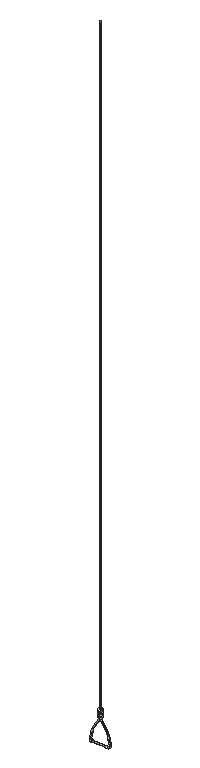
Revit family "Wire_Hanger-HunterDouglas-150F", category Specialty Equipment, Revit 2012
Parameters (values of type "Parametric")
  ecoScorecard_data = "http://products.ecoscorecard.com/hunterdouglascontract/L15FMMP"
  ecoScorecard Product Page = "http://hunterdouglascontract.ecoscorecard.com/product/L15FMMP?base_search=product_category_A1035"
  Wire Visibility = yes
  Wire Hanger = Metal - Aluminum Frame - HunterDouglas - Painted White
  URL = "http://www.hunterdouglascontract.com/ceilings/index.jsp"
  Subcategory = "Metal – Exterior"  # constant formula
  Product Line = "150F"  # constant formula
  Model = "150F Hanger_Wire"  # constant formula
  Manufacturer = "Hunter Douglas Luxalon Metal Ceilings"  # constant formula
  Hanger Wire Length [instance] = 3' - 0"
  Description = "Hanger_Wire"  # constant formula
  Assembly Code = "C3030200"
  95 CSI = "09510"  # constant formula
  04 CSI = "09 51 00"  # constant formula
Reference planes (in)
  plane 1 "Center (Front/Back)": y = 0
  plane 2: z = 0
  plane 3 "Center (Left/Right)": x = 0
  plane 4: x = -0.77248
  plane 5: x = 0.77248
  plane 6: z = 2.4375
  plane 7: z = 2.5
  plane 8: z = 36
Dimensions and locks (in)
  equal spacing: plane 4, plane 3 "Center (Left/Right)", plane 5
  plane 4 to plane 5 = 0' - 1.54495"
  locked: plane 6 to plane 7 at 0.0625
  locked: plane 6 to level at 2.4375
  "Hanger Wire Length": plane 8 to level
  aligned and locked: level to plane 2
  aligned and locked: plane 3 "Center (Left/Right)" to nested 1
  aligned and locked: plane 1 "Center (Front/Back)" to nested 1
Nested families (in)
  nested 1: "Hanger_Wire-150" at (0, 0, 0), type "Parametric"
Definition of nested family "Hanger_Wire-150"
  Parameters (values of type "Parametric")
    Wire Visibility = yes
    URL = "http://www.hunterdouglascontract.com/ceilings/index.jsp"
    Subcategory = "Metal – Exterior"  # constant formula
    Product Line = "150F"  # constant formula
    Model = "150F Hanger_Wire"  # constant formula
    Material = Metal - Aluminum Frame - HunterDouglas - Painted White
    Manufacturer = "Hunter Douglas Luxalon Metal Ceilings"  # constant formula
    Hanger Wire Length = 3' - 0"
    Description = "Hanger_Wire"  # constant formula
    Assembly Code = "C3030200"
    95 CSI = "09510"  # constant formula
    04 CSI = "09 51 00"  # constant formula
  Reference planes (in)
    plane 1 "Center (Front/Back)": y = 0
    plane 2: z = 0
    plane 3 "Center (Left/Right)": x = 0
    plane 4: x = -0.77248
    plane 5: x = 0.77248
    plane 6: z = 2.4375
    plane 7: z = 2.5
    plane 8: z = 36
  Forms (in)
    Sweep 1, solid, material "Metal - Aluminum Frame - HunterDouglas - Painted White" <- "Material", visible <- "Wire Visibility", detail levels fine
      path origin (0, 0, 0) x (1, 0, 0) y (0, 0, 1)
        loop
          line (0.03125, 36) -> (0.03125, 3.70793) -> (0.38236, 3.14135)
          arc (0.38236, 3.14135) -> (0.44435, 3.01623) -> (0.48166, 2.88166) r 0.73777
          line (0.48166, 2.88166) -> (0.5376, 2.56649)
          arc (0.5376, 2.56649) -> (0.51364, 2.47677) -> (0.42949, 2.4375) r 0.1098
          line (0.42949, 2.4375) -> (-0.42976, 2.4375)
          arc (-0.42976, 2.4375) -> (-0.51374, 2.47669) -> (-0.53765, 2.56622) r 0.10957
          line (-0.53765, 2.56622) -> (-0.48246, 2.87715)
          arc (-0.48246, 2.87715) -> (-0.44395, 3.01607) -> (-0.37995, 3.14524) r 0.76163
          line (-0.37995, 3.14524) -> (-0.0384, 3.69638)
      profile origin (-0.00014, 0, 2.4375) x (0, 0, -1) y (0, -1, 0)
        loop
          circle (-0.03125, 0) r 0.03125
    Revolve 2, solid, material "Metal - Aluminum Frame - HunterDouglas - Painted White" <- "Material", visible <- "Wire Visibility", detail levels fine
      sketch origin (-1.10243, 0, 0.17393) x (0.947216, 0, -0.320596) y (0.320596, 0, 0.947216)
        loop
          line (-0.19925, 4.08974) -> (-0.26999, 4.08974)
          arc (-0.26999, 4.08974) -> (-0.30124, 4.05849) -> (-0.26999, 4.02724) r 0.03125
          line (-0.26999, 4.02724) -> (-0.19925, 4.02724) -> (-0.19925, 4.08974)
        axis (-0.19925, 4.02724) -> (-0.19925, 4.08974)
      angle from 0 to 360
    Revolve 3, solid, material "Metal - Aluminum Frame - HunterDouglas - Painted White" <- "Material", visible <- "Wire Visibility", detail levels fine
      sketch origin (-1.10243, 0, 0.1083) x (0.947216, 0, -0.320596) y (0.320596, 0, 0.947216)
        loop
          line (-0.19925, 4.08974) -> (-0.26999, 4.08974)
          arc (-0.26999, 4.08974) -> (-0.30124, 4.05849) -> (-0.26999, 4.02724) r 0.03125
          line (-0.26999, 4.02724) -> (-0.19925, 4.02724) -> (-0.19925, 4.08974)
        axis (-0.19925, 4.02724) -> (-0.19925, 4.08974)
      angle from 0 to 360
    Revolve 4, solid, material "Metal - Aluminum Frame - HunterDouglas - Painted White" <- "Material", visible <- "Wire Visibility", detail levels fine
      sketch origin (-1.10243, 0, 0.04197) x (0.947216, 0, -0.320596) y (0.320596, 0, 0.947216)
        loop
          line (-0.19925, 4.08974) -> (-0.26999, 4.08974)
          arc (-0.26999, 4.08974) -> (-0.30124, 4.05849) -> (-0.26999, 4.02724) r 0.03125
          line (-0.26999, 4.02724) -> (-0.19925, 4.02724) -> (-0.19925, 4.08974)
        axis (-0.19925, 4.02724) -> (-0.19925, 4.08974)
      angle from 0 to 360
    Revolve 5, solid, material "Metal - Aluminum Frame - HunterDouglas - Painted White" <- "Material", visible <- "Wire Visibility", detail levels fine
      sketch origin (-1.10243, 0, -0.02402) x (0.947216, 0, -0.320596) y (0.320596, 0, 0.947216)
        loop
          line (-0.19925, 4.08974) -> (-0.26999, 4.08974)
          arc (-0.26999, 4.08974) -> (-0.30124, 4.05849) -> (-0.26999, 4.02724) r 0.03125
          line (-0.26999, 4.02724) -> (-0.19925, 4.02724) -> (-0.19925, 4.08974)
        axis (-0.19925, 4.02724) -> (-0.19925, 4.08974)
      angle from 0 to 360
    Revolve 6, solid, material "Metal - Aluminum Frame - HunterDouglas - Painted White" <- "Material", visible <- "Wire Visibility", detail levels fine
      sketch origin (-1.10243, 0, -0.09) x (0.947216, 0, -0.320596) y (0.320596, 0, 0.947216)
        loop
          line (-0.19925, 4.08974) -> (-0.26999, 4.08974)
          arc (-0.26999, 4.08974) -> (-0.30124, 4.05849) -> (-0.26999, 4.02724) r 0.03125
          line (-0.26999, 4.02724) -> (-0.19925, 4.02724) -> (-0.19925, 4.08974)
        axis (-0.19925, 4.02724) -> (-0.19925, 4.08974)
      angle from 0 to 360
    Revolve 7, solid, material "Metal - Aluminum Frame - HunterDouglas - Painted White" <- "Material", visible <- "Wire Visibility", detail levels fine
      sketch origin (-1.10243, 0, -0.15751) x (0.947216, 0, -0.320596) y (0.320596, 0, 0.947216)
        loop
          line (-0.19925, 4.08974) -> (-0.26999, 4.08974)
          arc (-0.26999, 4.08974) -> (-0.30124, 4.05849) -> (-0.26999, 4.02724) r 0.03125
          line (-0.26999, 4.02724) -> (-0.19925, 4.02724) -> (-0.19925, 4.08974)
        axis (-0.19925, 4.02724) -> (-0.19925, 4.08974)
      angle from 0 to 360
  Cuts and joins
    joined: Sweep 1, Revolve 3, Revolve 5, Revolve 7
  Lines and regions (in)
    model lines, style "Wire", visible <- "Wire Visibility", detail levels coarse+medium
      curve 1: line (0, 0, 36) -> (0, 0, 2.5)
    symbolic lines, style "Wire", visible <- "Wire Visibility", detail levels fine
      curve 2: line (-0.50903, 0.03125, 0) -> (-0.08588, 0.03125, 0)
      curve 3: line (0.50903, -0.03126, 0) -> (0.10541, -0.03126, 0)
      curve 4: arc (0.50903, 0.03125, 0) -> (0.54029, 0, 0) -> (0.50903, -0.03126, 0) r 0.03125
      curve 5: arc (-0.50903, 0.03125, 0) -> (-0.54029, 0, 0) -> (-0.50903, -0.03126, 0) r 0.03125
      curve 6: circle (0.00977, 0, 0) r 0.10062 normal (0, 0, 1)
      curve 7: circle (0, 0, 0) r 0.03125 normal (0, 0, 1)
      curve 8: line (0.10541, 0.03125, 0) -> (0.50903, 0.03125, 0)
      curve 9: line (-0.08587, -0.03126, 0) -> (-0.50903, -0.03126, 0)
      curve 10: line (0, 0.03125, 36) -> (0, -0.03125, 36)
      curve 11: line (0, 0.03125, 2.46831) -> (0, 0.03125, 3.69854)
      curve 12: line (0, -0.03125, 36) -> (0, -0.03125, 4.05165)
      curve 13: arc (0, -0.08474, 4.0503) -> (0, -0.10167, 4.01557) -> (0, -0.08145, 3.98266) r 0.04011
      curve 14: arc (0, -0.08145, 3.98266) -> (0, -0.04212, 3.96692) -> (0, 0, 3.96236) r 0.15569
      curve 15: arc (0, 0.08474, 4.0503) -> (0, 0.10167, 4.01557) -> (0, 0.08145, 3.98266) r 0.04011
      curve 16: arc (0, 0.08145, 3.98266) -> (0, 0.04212, 3.96692) -> (0, 0, 3.96236) r 0.15569
      curve 17: arc (0, 0.03125, 4.05165) -> (0, 0, 4.04216) -> (0, -0.03125, 4.05165) r 0.05621
      curve 18: arc (0, -0.08169, 3.9828) -> (0, -0.10172, 3.94794) -> (0, -0.08145, 3.91321) r 0.04011
      curve 19: arc (0, -0.08145, 3.91321) -> (0, -0.04212, 3.89747) -> (0, 0, 3.89291) r 0.15569
      curve 20: arc (0, 0.08169, 3.9828) -> (0, 0.10172, 3.94794) -> (0, 0.08145, 3.91321) r 0.04011
      curve 21: arc (0, 0.08145, 3.91321) -> (0, 0.04212, 3.89747) -> (0, 0, 3.89291) r 0.15569
      curve 22: arc (0, -0.08474, 3.91531) -> (0, -0.10167, 3.88058) -> (0, -0.08145, 3.84767) r 0.04011
      curve 23: arc (0, -0.08145, 3.84767) -> (0, -0.04212, 3.83193) -> (0, 0, 3.82736) r 0.15569
      curve 24: arc (0, 0.08474, 3.91531) -> (0, 0.10167, 3.88058) -> (0, 0.08145, 3.84767) r 0.04011
      curve 25: arc (0, 0.08145, 3.84767) -> (0, 0.04212, 3.83193) -> (0, 0, 3.82736) r 0.15569
      curve 26: arc (0, -0.08474, 3.84977) -> (0, -0.10167, 3.81504) -> (0, -0.08145, 3.78213) r 0.04011
      curve 27: arc (0, -0.08145, 3.78213) -> (0, -0.04212, 3.76638) -> (0, 0, 3.76182) r 0.15569
      curve 28: arc (0, 0.08474, 3.84977) -> (0, 0.10167, 3.81504) -> (0, 0.08145, 3.78213) r 0.04011
      curve 29: arc (0, 0.08145, 3.78213) -> (0, 0.04212, 3.76638) -> (0, 0, 3.76182) r 0.15569
      curve 30: arc (0, -0.08474, 3.78422) -> (0, -0.10167, 3.7495) -> (0, -0.08145, 3.71659) r 0.04011
      curve 31: arc (0, -0.08145, 3.71659) -> (0, -0.04212, 3.70084) -> (0, 0, 3.69628) r 0.15569
      curve 32: arc (0, 0.08474, 3.78422) -> (0, 0.10167, 3.7495) -> (0, 0.08145, 3.71659) r 0.04011
      curve 33: arc (0, 0.08145, 3.71659) -> (0, 0.04212, 3.70084) -> (0, 0, 3.69628) r 0.15569
      curve 34: line (0, 0.03125, 4.05165) -> (0, 0.03125, 36)
      curve 35: line (0, -0.03125, 3.69854) -> (0, -0.03125, 2.46831)
      curve 36: arc (0, -0.03125, 2.46831) -> (0, 0, 2.43706) -> (0, 0.03125, 2.46831) r 0.03125
      curve 37: arc (0, -0.08474, 4.11584) -> (0, -0.10167, 4.08112) -> (0, -0.08145, 4.0482) r 0.04011
      curve 38: arc (0, -0.08145, 4.0482) -> (0, -0.04212, 4.03246) -> (0, 0, 4.0279) r 0.15569
      curve 39: arc (0, 0.08474, 4.11584) -> (0, 0.10167, 4.08112) -> (0, 0.08145, 4.0482) r 0.04011
      curve 40: arc (0, 0.08145, 4.0482) -> (0, 0.04212, 4.03246) -> (0, 0, 4.0279) r 0.15569
      curve 41: arc (0, -0.08474, 4.11584) -> (0, -0.05931, 4.12919) -> (0, -0.03125, 4.13531) r 0.10721
      curve 42: arc (0, 0.08474, 4.11584) -> (0, 0.05931, 4.12919) -> (0, 0.03125, 4.13531) r 0.10721
      curve 43: line (-0.03122, 0, 36) -> (0.03122, 0, 36)
      curve 44: line (0.03122, 0, 36) -> (0.03122, 0, 4.1081)
      curve 45: line (-0.04684, 0, 4.13498) -> (0.08788, 0, 4.08859)
      curve 46: line (-0.07537, 0, 4.07858) -> (0.06749, 0, 4.02939)
      curve 47: arc (0.08788, 0, 4.08859) -> (0.10729, 0, 4.0488) -> (0.06749, 0, 4.02939) r 0.03131
      curve 48: arc (-0.04684, 0, 4.13498) -> (-0.08569, 0, 4.11922) -> (-0.07537, 0, 4.07858) r 0.0319
      curve 49: arc (0.08788, 0, 4.02237) -> (0.10784, 0, 3.98437) -> (0.0711, 0, 3.96216) r 0.03131
      curve 50: arc (-0.04684, 0, 4.06876) -> (-0.08551, 0, 4.05335) -> (-0.07602, 0, 4.01282) r 0.0319
      curve 51: line (-0.07602, 0, 4.01282) -> (0.0711, 0, 3.96216)
      curve 52: arc (0.08788, 0, 3.95615) -> (0.10784, 0, 3.91815) -> (0.0711, 0, 3.89594) r 0.03131
      curve 53: arc (-0.04684, 0, 4.00254) -> (-0.08551, 0, 3.98713) -> (-0.07602, 0, 3.9466) r 0.0319
      curve 54: line (-0.07602, 0, 3.9466) -> (0.0711, 0, 3.89594)
      curve 55: arc (0.08788, 0, 3.88993) -> (0.10784, 0, 3.85193) -> (0.0711, 0, 3.82972) r 0.03131
      curve 56: arc (-0.04684, 0, 3.93632) -> (-0.08551, 0, 3.92091) -> (-0.07602, 0, 3.88038) r 0.0319
      curve 57: line (-0.07602, 0, 3.88038) -> (0.0711, 0, 3.82972)
      curve 58: arc (0.08788, 0, 3.82371) -> (0.10784, 0, 3.78571) -> (0.0711, 0, 3.7635) r 0.03131
      curve 59: arc (-0.04684, 0, 3.8701) -> (-0.08551, 0, 3.85469) -> (-0.07602, 0, 3.81416) r 0.0319
      curve 60: line (-0.07602, 0, 3.81416) -> (0.0711, 0, 3.7635)
      curve 61: arc (0.08788, 0, 3.75749) -> (0.10784, 0, 3.71949) -> (0.0711, 0, 3.69728) r 0.03131
      curve 62: arc (-0.04684, 0, 3.80388) -> (-0.08551, 0, 3.78847) -> (-0.07602, 0, 3.74794) r 0.0319
      curve 63: line (-0.07602, 0, 3.74794) -> (0.0711, 0, 3.69728)
      curve 64: line (-0.0384, 0, 3.69638) -> (-0.37724, 0, 3.14961)
      curve 65: line (-0.53854, 0, 2.57083) -> (-0.47845, 0, 2.89346)
      curve 66: arc (-0.47845, 0, 2.89346) -> (-0.43931, 0, 3.02606) -> (-0.37724, 0, 3.14961) r 0.77561
      curve 67: arc (-0.53854, 0, 2.57083) -> (-0.5193, 0, 2.48393) -> (-0.44337, 0, 2.4375) r 0.11373
      curve 68: line (0.08629, 0, 3.61911) -> (-0.0384, 0, 3.69638)
      curve 69: spline (-0.02925, 0, 3.69071) -> (-0.02601, 0, 3.69164) -> (-0.02149, 0, 3.69294) -> (-0.01593, 0, 3.69453) -> (-0.00958, 0, 3.69634) -> (-0.00276, 0, 3.69828) -> (0.00419, 0, 3.70026) -> (0.01093, 0, 3.70218) -> (0.01714, 0, 3.70394) -> (0.02251, 0, 3.70547) -> (0.02678, 0, 3.70667) -> (0.02974, 0, 3.70751) -> (0.03125, 0, 3.70793)
      curve 70: line (0, 0, 3.6397) -> (-0.32412, 0, 3.11669)
      curve 71: arc (-0.41709, 0, 2.88159) -> (-0.3811, 0, 3.00329) -> (-0.32412, 0, 3.11669) r 0.71311
      curve 72: line (-0.4771, 0, 2.55939) -> (-0.41709, 0, 2.88159)
      curve 73: arc (-0.4771, 0, 2.55939) -> (-0.46843, 0, 2.52024) -> (-0.43423, 0, 2.49933) r 0.05123
      curve 74: line (0.03122, 0, 36) -> (-0.03122, 0, 36)
      curve 75: line (-0.03122, 0, 36) -> (-0.03122, 0, 4.1296)
      curve 76: line (0.02882, 0, 3.71184) -> (0.37724, 0, 3.14961)
      curve 77: line (0.53854, 0, 2.57083) -> (0.47845, 0, 2.89346)
      curve 78: arc (0.47845, 0, 2.89346) -> (0.43931, 0, 3.02606) -> (0.37724, 0, 3.14961) r 0.77561
      curve 79: arc (0.53854, 0, 2.57083) -> (0.5193, 0, 2.48393) -> (0.44337, 0, 2.4375) r 0.11373
      curve 80: arc (0.4771, 0, 2.55939) -> (0.46843, 0, 2.52024) -> (0.43423, 0, 2.49933) r 0.05123
      curve 81: line (0.4771, 0, 2.55939) -> (0.41709, 0, 2.88159)
      curve 82: arc (0.41709, 0, 2.88159) -> (0.3811, 0, 3.00329) -> (0.32412, 0, 3.11669) r 0.71311
      curve 83: line (0, 0, 3.6397) -> (0.32412, 0, 3.11669)
      curve 84: line (-0.43423, 0, 2.49933) -> (0.43423, 0, 2.49933)
      curve 85: line (0.44337, 0, 2.4375) -> (-0.44337, 0, 2.4375)
      curve 86: line (-0.03122, 0, 3.73252) -> (-0.03122, 0, 3.69194)
  Dimensions and locks (in)
    equal spacing: plane 4, plane 3 "Center (Left/Right)", plane 5
    plane 4 to plane 5 = 0' - 1.54495"
    locked: plane 6 to plane 7 at 0.0625
    locked: plane 6 to level at 2.4375
    "Hanger Wire Length": plane 8 to level
    aligned and locked: level to plane 2
    aligned and locked: Sweep 1 sketch curve to plane 6
    aligned and locked: plane 8 to Sweep 1 sketch curve
    aligned and locked: curve 1 to plane 3 "Center (Left/Right)"
    aligned and locked: plane 7 to curve 1
    aligned and locked: plane 8 to curve 1
    aligned and locked: curve 7 to cut or joined group of Sweep 1, Revolve 3, Revolve 5, Revolve 7
    aligned and locked: curve 68 to cut or joined group of Sweep 1, Revolve 3, Revolve 5, Revolve 7
  Automatic sketch dimensions
    Sweep 1 sketch curve to plane 1 "Center (Front/Back)" = 0' - 0"
    profile plane to Sweep 1 sketch curve = 0' - 0 1/32"
    Revolve 2 sketch curve to plane 3 "Center (Left/Right)" = 0' - 0.06706"
    Revolve 2 sketch curve to Revolve 2 sketch curve = 0' - 0.07074"
    Revolve 2 sketch curve to Revolve 2 sketch curve = 0' - 0"  (x2)
    Revolve 2 sketch curve to Revolve 2 sketch curve = 0' - 0 1/32"
    Revolve 2 sketch curve to Revolve 2 sketch curve = 0' - 0.02781"
    Revolve 3 sketch curve to plane 3 "Center (Left/Right)" = 0' - 0.06706"
    Revolve 3 sketch curve to Revolve 3 sketch curve = 0' - 0.07074"
    Revolve 3 sketch curve to Revolve 3 sketch curve = 0' - 0"  (x2)
    Revolve 3 sketch curve to Revolve 3 sketch curve = 0' - 0 1/32"
    Revolve 3 sketch curve to Revolve 3 sketch curve = 0' - 0.02781"
    Revolve 4 sketch curve to plane 3 "Center (Left/Right)" = 0' - 0.06706"
    Revolve 4 sketch curve to Revolve 4 sketch curve = 0' - 0.07074"
    Revolve 4 sketch curve to Revolve 4 sketch curve = 0' - 0"  (x2)
    Revolve 4 sketch curve to Revolve 4 sketch curve = 0' - 0 1/32"
    Revolve 4 sketch curve to Revolve 4 sketch curve = 0' - 0.02781"
    Revolve 5 sketch curve to plane 3 "Center (Left/Right)" = 0' - 0.06706"
    Revolve 5 sketch curve to Revolve 5 sketch curve = 0' - 0.07074"
    Revolve 5 sketch curve to Revolve 5 sketch curve = 0' - 0"  (x2)
    Revolve 5 sketch curve to Revolve 5 sketch curve = 0' - 0 1/32"
    Revolve 5 sketch curve to Revolve 5 sketch curve = 0' - 0.02781"
    Revolve 6 sketch curve to plane 3 "Center (Left/Right)" = 0' - 0.06706"
    Revolve 6 sketch curve to Revolve 6 sketch curve = 0' - 0.07074"
    Revolve 6 sketch curve to Revolve 6 sketch curve = 0' - 0"  (x2)
    Revolve 6 sketch curve to Revolve 6 sketch curve = 0' - 0 1/32"
    Revolve 6 sketch curve to Revolve 6 sketch curve = 0' - 0.02781"
    Revolve 7 sketch curve to plane 3 "Center (Left/Right)" = 0' - 0.06706"
    Revolve 7 sketch curve to Revolve 7 sketch curve = 0' - 0.07074"
    Revolve 7 sketch curve to Revolve 7 sketch curve = 0' - 0"  (x2)
    Revolve 7 sketch curve to Revolve 7 sketch curve = 0' - 0 1/32"
    Revolve 7 sketch curve to Revolve 7 sketch curve = 0' - 0.02781"
    plane 7 to Sweep 1 sketch curve = 0' - 0.06622"
    Sweep 1 sketch curve to plane 4 = 0' - 0.23483"
    Sweep 1 sketch curve to plane 4 = 0' - 0.29002"
    Sweep 1 sketch curve to Sweep 1 sketch curve = 0' - 0.10788"
    Sweep 1 sketch curve to Sweep 1 sketch curve = 0' - 0.10251"
    Sweep 1 sketch curve to plane 3 "Center (Left/Right)" = 0' - 0.24476"
    Sweep 1 sketch curve to plane 3 "Center (Left/Right)" = 0' - 0.0384"
    plane 3 "Center (Left/Right)" to Sweep 1 sketch curve = 0' - 0 1/32"
    plane 3 "Center (Left/Right)" to Sweep 1 sketch curve = 0' - 0.26745"
    plane 3 "Center (Left/Right)" to Sweep 1 sketch curve = 0' - 0.38236"
    Sweep 1 sketch curve to plane 5 = 0' - 0.34298"
    Sweep 1 sketch curve to Sweep 1 sketch curve = 0' - 0.21421"
    plane 7 to Sweep 1 sketch curve = 0' - 0.06649"
    Sweep 1 sketch curve to Sweep 1 sketch curve = 0' - 0.10811"
    plane 7 to Sweep 1 sketch curve = 0' - 0.24405"
    plane 7 to Sweep 1 sketch curve = 0' - 0.25273"
    Sweep 1 sketch curve to Sweep 1 sketch curve = 0' - 0.12442"
    Sweep 1 sketch curve to Sweep 1 sketch curve = 0' - 0.13761"
    Sweep 1 sketch curve to Sweep 1 sketch curve = 0' - 0.55114"
    Sweep 1 sketch curve to Sweep 1 sketch curve = 0' - 0.01154"
    plane 7 to Revolve 2 sketch curve = 0' - 1.57516"
    plane 7 to Revolve 3 sketch curve = 0' - 1.50953"
    plane 7 to Revolve 4 sketch curve = 0' - 1.44319"
    plane 7 to Revolve 5 sketch curve = 0' - 1.37721"
    plane 7 to Revolve 6 sketch curve = 0' - 1.31123"
    plane 7 to Revolve 7 sketch curve = 0' - 1.24371"
    plane 1 "Center (Front/Back)" to curve 6 = 0' - 0"
    curve 2 to plane 1 "Center (Front/Back)" = 0' - 0 1/32"
    curve 2 to plane 4 = 0' - 0.26344"
    plane 3 "Center (Left/Right)" to curve 6 = 0' - 0.00977"
    plane 1 "Center (Front/Back)" to curve 3 = 0' - 0 1/32"
    curve 3 to plane 5 = 0' - 0.26344"
    plane 3 "Center (Left/Right)" to curve 8 = 0' - 0.10541"
    plane 1 "Center (Front/Back)" to curve 4 = 0' - 0"
    plane 1 "Center (Front/Back)" to curve 5 = 0' - 0 1/32"
    curve 12 to plane 8 = 0' - 0"
    curve 17 to plane 1 "Center (Front/Back)" = 0' - 0"
    curve 25 to plane 1 "Center (Front/Back)" = 0' - 0"
    curve 21 to plane 1 "Center (Front/Back)" = 0' - 0"
    curve 33 to plane 1 "Center (Front/Back)" = 0' - 0"
    curve 38 to plane 1 "Center (Front/Back)" = 0' - 0"
    curve 36 to plane 1 "Center (Front/Back)" = 0' - 0"
    curve 14 to plane 1 "Center (Front/Back)" = 0' - 0"
    curve 27 to plane 1 "Center (Front/Back)" = 0' - 0"
    plane 1 "Center (Front/Back)" to curve 19 = 0' - 0.00445"
    plane 1 "Center (Front/Back)" to curve 23 = 0' - 0.00445"
    plane 1 "Center (Front/Back)" to curve 14 = 0' - 0.00445"
    plane 1 "Center (Front/Back)" to curve 27 = 0' - 0.00445"
    plane 1 "Center (Front/Back)" to curve 38 = 0' - 0.00445"
    plane 1 "Center (Front/Back)" to curve 31 = 0' - 0.00445"
    plane 1 "Center (Front/Back)" to curve 41 = 0' - 0.02264"
    plane 1 "Center (Front/Back)" to curve 10 = 0' - 0 1/32"
    curve 36 to curve 36 = 0' - 0 1/32"
    curve 30 to curve 35 = 0' - 0.03036"
    plane 1 "Center (Front/Back)" to curve 26 = 0' - 0.06161"
    curve 13 to curve 41 = 0' - 0.03896"
    plane 1 "Center (Front/Back)" to curve 22 = 0' - 0.06161"
    curve 27 to curve 30 = 0' - 0.01984"
    curve 18 to curve 22 = 0' - 0.01984"
    curve 30 to curve 30 = 0' - 0.01984"
    curve 26 to curve 27 = 0' - 0"
    curve 38 to curve 13 = 0' - 0.01984"
    curve 37 to curve 38 = 0' - 0"
    curve 19 to curve 18 = 0' - 0"
    curve 31 to curve 30 = 0' - 0"
    curve 22 to curve 26 = 0' - 0.01984"
    curve 13 to curve 18 = 0' - 0.01984"
    curve 14 to curve 13 = 0' - 0"
    curve 23 to curve 22 = 0' - 0"
    curve 18 to curve 13 = 0' - 0.00025"
    curve 30 to curve 26 = 0' - 0.0033"
    curve 13 to curve 38 = 0' - 0.0033"
    curve 22 to curve 19 = 0' - 0.0033"
    curve 41 to curve 37 = 0' - 0.02313"
    curve 26 to curve 22 = 0' - 0.0033"
    curve 25 to plane 1 "Center (Front/Back)" = 0' - 0.00445"
    curve 29 to plane 1 "Center (Front/Back)" = 0' - 0.00445"
    curve 40 to plane 1 "Center (Front/Back)" = 0' - 0.00445"
    curve 16 to plane 1 "Center (Front/Back)" = 0' - 0.00445"
    curve 33 to plane 1 "Center (Front/Back)" = 0' - 0.00445"
    curve 21 to plane 1 "Center (Front/Back)" = 0' - 0.00445"
    curve 42 to plane 1 "Center (Front/Back)" = 0' - 0.02264"
    curve 10 to plane 1 "Center (Front/Back)" = 0' - 0 1/32"
    curve 24 to plane 1 "Center (Front/Back)" = 0' - 0.06161"
    curve 42 to curve 15 = 0' - 0.03896"
    curve 11 to curve 32 = 0' - 0.03036"
    curve 28 to plane 1 "Center (Front/Back)" = 0' - 0.06161"
    curve 20 to curve 16 = 0' - 0.01984"
    curve 32 to curve 28 = 0' - 0.01984"
    curve 28 to curve 25 = 0' - 0.01984"
    curve 24 to curve 25 = 0' - 0"
    curve 29 to curve 28 = 0' - 0"
    curve 32 to curve 32 = 0' - 0.01984"
    curve 24 to curve 21 = 0' - 0.01984"
    curve 20 to curve 21 = 0' - 0"
    curve 15 to curve 16 = 0' - 0"
    curve 15 to curve 40 = 0' - 0.01984"
    curve 39 to curve 40 = 0' - 0"
    curve 33 to curve 32 = 0' - 0"
    curve 16 to curve 20 = 0' - 0.00025"
    curve 39 to curve 39 = 0' - 0.02313"
    curve 28 to curve 32 = 0' - 0.0033"
    curve 25 to curve 28 = 0' - 0.0033"
    curve 20 to curve 24 = 0' - 0.0033"
    plane 7 to curve 40 = 0' - 1.68352"
    curve 38 to curve 40 = 0' - 0"
    curve 42 to curve 40 = 0' - 0.04821"
    curve 41 to curve 38 = 0' - 0.04821"
    curve 41 to curve 41 = 0' - 0.01947"
    curve 14 to curve 41 = 0' - 0.01733"
    curve 14 to curve 16 = 0' - 0"
    curve 17 to curve 14 = 0' - 0.01961"
    curve 38 to curve 21 = 0' - 0.02063"
    curve 19 to curve 21 = 0' - 0"
    curve 16 to curve 25 = 0' - 0.02063"
    curve 23 to curve 25 = 0' - 0"
    curve 16 to curve 20 = 0' - 0.00014"
    curve 19 to curve 29 = 0' - 0.02454"
    curve 27 to curve 29 = 0' - 0"
    curve 20 to curve 24 = 0' - 0.00209"
    curve 25 to curve 33 = 0' - 0.02454"
    curve 31 to curve 33 = 0' - 0"
    curve 22 to curve 26 = 0' - 0.00209"
    curve 28 to curve 32 = 0' - 0.00209"
    curve 36 to plane 6 = 0' - 0.03081"
    curve 37 to curve 41 = 0' - 0.05349"
    curve 18 to curve 13 = 0' - 0.02008"
    curve 39 to curve 39 = 0' - 0.01984"
    curve 20 to curve 24 = 0' - 0.02313"
    curve 39 to curve 15 = 0' - 0.0033"
    curve 31 to curve 38 = 0' - 0.33162"
    curve 41 to curve 12 = 0' - 0.0232"
    curve 66 to curve 71 = 0' - 0"  (x2)
    curve 67 to curve 73 = 0' - 0"  (x2)
    curve 78 to curve 82 = 0' - 0"  (x2)
    curve 79 to curve 80 = 0' - 0"  (x2)
    curve 67 to plane 6 = 0' - 0"
    curve 74 to plane 8 = 0' - 0"
    curve 83 to plane 3 "Center (Left/Right)" = 0' - 0"
    curve 69 to plane 3 "Center (Left/Right)" = 0' - 0.02925"
    curve 86 to curve 69 = 0' - 0.00197"
    curve 75 to plane 3 "Center (Left/Right)" = 0' - 0.03122"
    curve 69 to curve 86 = 0' - 0.00021"
    curve 64 to curve 86 = 0' - 0.00718"
    curve 62 to plane 3 "Center (Left/Right)" = 0' - 0.04684"
    curve 48 to curve 75 = 0' - 0 1/64"
    curve 59 to plane 3 "Center (Left/Right)" = 0' - 0.04684"
    curve 53 to plane 3 "Center (Left/Right)" = 0' - 0.04684"
    curve 56 to plane 3 "Center (Left/Right)" = 0' - 0.04684"
    curve 50 to plane 3 "Center (Left/Right)" = 0' - 0.04684"
    curve 59 to curve 59 = 0' - 0.01039"
    curve 50 to curve 50 = 0' - 0.01039"
    curve 48 to curve 48 = 0' - 0.01039"
    curve 62 to curve 62 = 0' - 0.01039"
    curve 56 to curve 56 = 0' - 0.01039"
    curve 53 to curve 53 = 0' - 0.01039"
    curve 46 to curve 50 = 0' - 0.02853"
    curve 59 to curve 62 = 0' - 0.02918"
    curve 54 to curve 56 = 0' - 0.02918"
    curve 63 to curve 62 = 0' - 0.01879"
    curve 56 to curve 59 = 0' - 0.02918"
    curve 50 to curve 53 = 0' - 0.02918"
    curve 70 to plane 3 "Center (Left/Right)" = 0' - 0.32412"
    curve 64 to curve 71 = 0' - 0.05313"
    curve 71 to curve 78 = 0' - 0.13505"
    plane 7 to curve 73 = 0' - 0.05001"
    curve 73 to curve 78 = 0' - 0.14469"
    curve 73 to plane 7 = 0' - 0.00067"
    curve 73 to curve 67 = 0' - 0.0075"
    curve 85 to curve 84 = 0' - 0.00915"
    curve 73 to curve 67 = 0' - 0.05037"
    curve 65 to curve 71 = 0' - 0.06136"
    plane 7 to curve 65 = 0' - 0.07083"
    plane 3 "Center (Left/Right)" to curve 69 = 0' - 0"
    plane 3 "Center (Left/Right)" to curve 76 = 0' - 0.02882"
    plane 3 "Center (Left/Right)" to curve 43 = 0' - 0.03122"
    curve 76 to curve 69 = 0' - 0.00243"
    plane 3 "Center (Left/Right)" to curve 47 = 0' - 0.06749"
    curve 69 to curve 63 = 0' - 0.03985"
    curve 58 to curve 63 = 0' - 0"
    curve 47 to curve 49 = 0' - 0.00361"
    curve 55 to curve 60 = 0' - 0"
    curve 51 to curve 54 = 0' - 0"
    curve 63 to curve 61 = 0' - 0.00658"
    curve 57 to curve 55 = 0' - 0.00658"
    curve 46 to curve 47 = 0' - 0.01019"
    curve 49 to curve 49 = 0' - 0.00658"
    curve 60 to curve 58 = 0' - 0.00658"
    curve 54 to curve 52 = 0' - 0.00658"
    curve 61 to curve 68 = 0' - 0.01519"
    curve 47 to curve 49 = 0' - 0.02038"
    curve 58 to curve 61 = 0' - 0.01678"
    curve 51 to curve 52 = 0' - 0.01678"
    curve 55 to curve 58 = 0' - 0.01678"
    curve 47 to curve 47 = 0' - 0.01019"
    curve 52 to curve 55 = 0' - 0.01678"
    plane 3 "Center (Left/Right)" to curve 71 = 0' - 0.28204"
    plane 3 "Center (Left/Right)" to curve 83 = 0' - 0.32412"
    curve 83 to curve 76 = 0' - 0.05313"
    curve 66 to curve 81 = 0' - 0.13505"
    plane 7 to curve 80 = 0' - 0.05001"
    curve 66 to curve 80 = 0' - 0.14469"
    curve 79 to curve 80 = 0' - 0.0075"
    curve 84 to curve 79 = 0' - 0.00915"
    curve 79 to curve 80 = 0' - 0.05037"
    curve 81 to curve 78 = 0' - 0.06136"
    curve 80 to curve 79 = 0' - 0.06144"
    curve 79 to curve 71 = 0' - 0.19104"
    curve 67 to curve 82 = 0' - 0.19104"
    curve 66 to curve 81 = 0' - 0.14054"
    curve 71 to curve 65 = 0' - 0.01187"
    curve 81 to curve 78 = 0' - 0.01187"
    curve 83 to curve 69 = 0' - 0.05101"
    curve 69 to curve 86 = 0' - 0.00186"
    curve 63 to curve 69 = 0' - 0.01064"
    curve 63 to curve 61 = 0' - 0.03061"
    curve 64 to curve 86 = 0' - 0.03613"
    curve 61 to curve 58 = 0' - 0.00601"
    curve 62 to curve 62 = 0' - 0.02577"
    curve 60 to curve 58 = 0' - 0.03061"
    curve 62 to curve 60 = 0' - 0.01028"
    curve 58 to curve 57 = 0' - 0.00601"
    curve 60 to curve 59 = 0' - 0.02577"
    curve 57 to curve 55 = 0' - 0.03061"
    curve 59 to curve 57 = 0' - 0.01028"
    curve 55 to curve 54 = 0' - 0.00601"
    curve 56 to curve 56 = 0' - 0.02577"
    curve 54 to curve 52 = 0' - 0.03061"
    curve 56 to curve 53 = 0' - 0.01028"
    curve 52 to curve 49 = 0' - 0.00601"
    curve 53 to curve 53 = 0' - 0.02577"
    curve 49 to curve 49 = 0' - 0.03061"
    curve 53 to curve 51 = 0' - 0.01028"
    curve 49 to curve 47 = 0' - 0.00702"
    curve 51 to curve 50 = 0' - 0.02577"
    curve 46 to curve 47 = 0' - 0.0296"
    curve 46 to curve 48 = 0' - 0.02623"
    radius of Sweep 1 sketch curve = 0' - 0 1/32"
